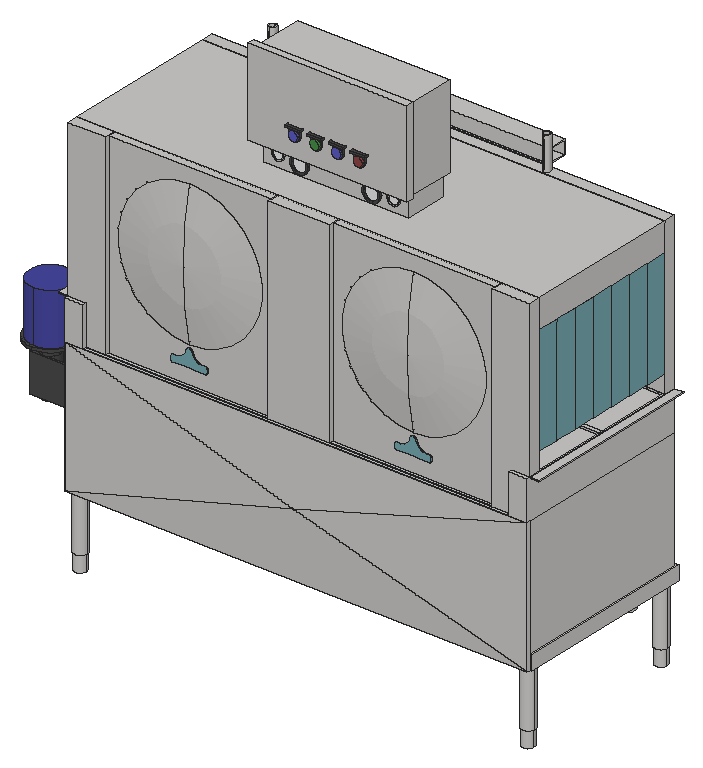
Revit family
Parameters (values of type "480/60/3")
  Width = 5' - 4"
  Weight in Pounds = 1000
  Watts = 25000 W
  Watermarked By = "http://revitwatermark.com"
  Waste Water Discharge Temperature [instance] = -459.67 °F
  Volts = 480 V
  Ventilation Remarks [instance] = ""
  URL Cutsheet = ""
  URL = "www.stero.com"
  Total Height = 5' - 10 1/2"
  Table Height = 2' - 10"
  Swing Doors [instance] = no
  Status [instance] = ""
  Standard Doors [instance] = not(Swing Doors)  # yes
  Specification by User [instance] = ""
  Specification by Manufacturer = ""
  Single Door Opening [instance] = if(Swing Doors, 2' 0", 1' 10 1/2")  # 1' - 10 1/2"
  Serial Number [instance] = ""
  Seismic Rating [instance] = ""
  SMACNA No [instance] = ""
  Right Ventilation Remarks [instance] = ""
  Right Vent [instance] = no
  Right Exhaust Volume [instance] = if(Right Vent, 200 CFM, 0 CFM)  # 0 CFM
  Right Exhaust Vent Width = 0' - 3 7/8"
  Right Exhaust Vent Text = "Vent, Load End"
  Right Exhaust Vent Depth = 2' - 0 7/8"
  Right Exhaust Static Press = 0.00 in-wg
  Right Exhaust RI Height [instance] = 0' - 0"
  Right Exhaust Item Number [instance] = "-"
  Right Drain [instance] = no
  Revision Code [instance] = ""
  Plumbing Remarks [instance] = ""
  Plumbing Connection Type [instance] = ""
  Phase = 3
  Number of Poles [instance] = 1
  NAFEM Spec ID Number [instance] = ""
  Model = "ER-64"
  Masterspec = ""
  Manufacturer = "Stero"
  Machine Height = 4' - 7 1/2"
  Left Vent [instance] = no
  Left Drain [instance] = not(Right Drain)  # yes
  Item Number [instance] = "-"
  Installed By [instance] = ""
  Indirect Waste Size = 2"
  Indirect Waste Flow [instance] = 0.00 GPM
  Indirect Waste Connection Type [instance] = ""
  Indirect Waste Connection Height = 0' - 6"
  Hot Water Usage Rack = "- Gal/Rack"  # constant formula
  Hot Water Usage = "120.6 GPH"  # constant formula
  Hot Water Temperature = 180 °F
  Hot Water Size = 3/4"
  Hot Water RI Height [instance] = 0' - 0"
  Hot Water Minimum Pressure = 20.00 psi
  Hot Water Maximum Pressure = 20.00 psi
  Hot Water Flow = 2.01 GPM
  Hot Water Consumption = 2.01 GPM
  Hot Water Connection Height = 5' - 0"
  HP = "4.25"
  Furnished By [instance] = ""
  Foodservice Equipment Identifier [instance] = yes
  FL Amps = 37.9 A
  Exhaust Volume [instance] = if(Left Vent, 400 CFM, 0 CFM)  # 0 CFM
  Exhaust Vent Width = 0' - 3 7/8"
  Exhaust Vent Text = "Vent, Unload End"
  Exhaust Vent Depth = 2' - 0 7/8"
  Exhaust Static Press = 0.00 in-wg
  Exhaust RI Height [instance] = 0' - 0"
  Electrical Remarks [instance] = ""
  Electric Connection Type [instance] = ""
  Elec Conn RI Height [instance] = 0' - 0"
  Elec Conn Connection Height = 5' - 8 1/2"
  Description = "Rack Conveyor Series"
  Depth = 2' - 1"
  Cycle = 60 Hz
  Conn Conduit = yes
  CSI MasterFormat = "11 48 13"
  Building Plumbing Remarks [instance] = ""
  Building Hot Water Temperature = 140 °F
  Building Hot Water Size = 3/4"
  Building Hot Water RI Height [instance] = 0' - 0"
  Building Hot Water Minimum Pressure [instance] = 20.00 psi
  Building Hot Water Maximum Pressure [instance] = 20.00 psi
  Building Hot Water Flow [instance] = 0.00 GPM
  Building Hot Water Consumption [instance] = 2.00 GPM
  Building Hot Water Connection Height = 5' - 0"
  Building HW Item Number [instance] = "-"
  Assembly Code = "E1090320"
  Apparent Power = if(Phase = 3, Volts * FL Amps * 1.73, Volts * FL Amps)  # 31472.2 VA
Reference planes (in)
  plane 1: z = 0
  plane 2 "LEFT": x = 2.32772
  plane 3 "BACK": y = -48
  plane 4 "TOP": z = 70.5
  plane 5 "RIGHT": x = 66.32772
  plane 6 "FRONT": y = -73
  plane 7 "Left of Top": x = 2.57772
  plane 8 "Right of Top": x = 66.07772
  plane 9 "Left of Ledge": x = 1.07772
  plane 10 "Right of Ledge": x = 67.57772
  plane 11 "Left End Cowl": x = -7.67228
  plane 12 "Right End Cowl": x = 76.32772
  plane 13: x = -0.73478
  plane 14: x = 69.39022
  plane 15 "Bottom of Machine": z = 10
  plane 16 "Table Height": z = 34
  plane 17 "Top of Machine": z = 55.5
  plane 18 "Panel Top": z = 28.5
  plane 19: z = 12
  plane 20: y = -73.5
  plane 21: y = -47.5
  plane 22: x = 2.07772
  plane 23: x = 66.57772
  plane 24: y = -49.625
  plane 25: y = -71.375
  plane 26 "Door Center": x = 34.32772
  plane 27: x = 7.57772
  plane 28: x = 30.07772
  plane 29 "Top of Opening": z = 51.5
  plane 30: z = 2.25
  plane 31: x = 24.32772
  plane 32: x = 44.32772
  plane 33: x = 23.32772
  plane 34: x = 45.32772
  plane 35 "Front of Lower Panel": y = -66.5
  plane 36: y = -60.5
  plane 37: y = -67
  plane 38 "Back of Panel": y = -60
  plane 39 "Front of Upper Panel": y = -68
  plane 40: x = 23.82772
  plane 41: x = 44.82772
  plane 42: x = 76.20272
  plane 43: x = -7.54728
  plane 44: x = -4.60978
  plane 45: x = 73.26522
  plane 46: y = -48.0625
  plane 47: y = -72.9375
  plane 48 "Top of Vents": z = 59.5
  plane 49: x = 19.82772
  plane 50: x = 48.82772
  plane 51: y = -45
  plane 52: z = 57.5
  plane 53: y = -43
  plane 54: z = 84.5
  plane 55: x = 38.57772
  plane 56: x = 61.07772
  plane 57: x = 7.82772
  plane 58: x = 29.95272
  plane 59: x = 28.64022
  plane 60: x = 38.70272
  plane 61: x = 40.01522
  plane 62: x = 60.82772
Forms (in)
  Extrusion 1, solid, material "QF_Finishes_Stainless Steel"
    sketch origin (0, 0, 10) x (0, 1, 0) y (-1, 0, 0)
      loop
        line (-47.5, -2.07772) -> (-73, -2.07772) -> (-73, -66.57772) -> (-47.5, -66.57772) -> (-47.5, -2.07772)
    from 0 to 2
  Extrusion 2, solid, material "QF_Finishes_Stainless Steel"
    sketch origin (0, 0, 34) x (0, 1, 0) y (-1, 0, 0)
      loop
        line (-71.375, -2.57772) -> (-49.625, -2.57772) -> (-49.625, -4.89022) -> (-48, -4.89022) -> (-48, -2.32772) -> (-73.5, -2.32772) -> (-73.5, -4.89022) -> (-71.375, -4.89022) -> (-71.375, -2.57772)
    from 0 to -5.5
  Extrusion 3, solid, material "QF_Finishes_Stainless Steel"
    sketch origin (0, 0, 28.5) x (0, 1, 0) y (-1, 0, 0)
      loop
        line (-48, -2.32772) -> (-73, -2.32772) -> (-73, -66.32772) -> (-48, -66.32772) -> (-48, -2.32772)
    from 0 to -16.5
  Extrusion 4, solid, material "QF_Finishes_Stainless Steel"
    sketch origin (48.65544, 0, 34) x (0, 1, 0) y (-1, 0, 0)
      loop
        line (-71.375, -17.42228) -> (-71.375, -15.10978) -> (-73.5, -15.10978) -> (-73.5, -17.67228) -> (-48, -17.67228) -> (-48, -15.10978) -> (-49.625, -15.10978) -> (-49.625, -17.42228) -> (-71.375, -17.42228)
    from 0 to -5.5
  Extrusion 5, solid, material "QF_Finishes_Stainless Steel"
    sketch origin (0, 0, 34) x (0, 1, 0) y (-1, 0, 0)
      loop
        line (-48, -2.32772) -> (-48, -1.07772) -> (-73, -1.07772) -> (-73, -2.32772) -> (-48, -2.32772)
    from 0 to -0.125
  Extrusion 6, solid, material "QF_Finishes_Stainless Steel"
    sketch origin (0, 0, 34) x (0, 1, 0) y (-1, 0, 0)
      loop
        line (-48, -66.32772) -> (-73, -66.32772) -> (-73, -67.57772) -> (-48, -67.57772) -> (-48, -66.32772)
    from 0 to -0.125
  Extrusion 7, solid, material "QF_Finishes_Stainless Steel"
    sketch origin (0, 0, 34) x (0, 1, 0) y (-1, 0, 0)
      loop
        line (-48, -4.89022) -> (-49.625, -4.89022) -> (-49.625, -2.57772) -> (-71.375, -2.57772) -> (-71.375, -66.07772) -> (-49.625, -66.07772) -> (-49.625, -63.76522) -> (-48, -63.76522) -> (-48, -4.89022)
    from -0.25 to -5.5
  Extrusion 8, solid, material "QF_Finishes_Stainless Steel"
    sketch origin (0, 0, 34) x (0, 1, 0) y (-1, 0, 0)
      loop
        line (-60.25, -2.57772) -> (-60.75, -2.57772) -> (-60.75, -66.07772) -> (-60.25, -66.07772) -> (-60.25, -2.57772)
      loop
        line (-48, -4.89022) -> (-49.625, -4.89022) -> (-49.625, -63.76522) -> (-48, -63.76522) -> (-48, -4.89022)
    from 0 to -0.25
  Extrusion 9, solid, material "QF_Finishes_Stainless Steel"
    sketch origin (0, 0, 55.5) x (0, 1, 0) y (-1, 0, 0)
      loop
        line (-49.625, -2.32772) -> (-71.375, -2.32772) -> (-71.375, -66.32772) -> (-49.625, -66.32772) -> (-49.625, -2.32772)
    from 0 to -4
  Extrusion 10, solid, material "QF_Finishes_Stainless Steel"
    sketch origin (0, 0, 55.5) x (0, 1, 0) y (-1, 0, 0)
      loop
        line (-48, -2.32772) -> (-49.625, -2.32772) -> (-49.625, -66.32772) -> (-48, -66.32772) -> (-48, -2.32772)
    from 0 to -21.5
  Extrusion 11, solid, material "QF_Finishes_Stainless Steel"
    sketch origin (0, -73, 0) x (-1, 0, 0) y (0, 0, 1)
      loop
        line (-2.32772, 55.5) -> (-7.57772, 55.5) -> (-7.57772, 28.5) -> (-4.89022, 28.5) -> (-4.89022, 34) -> (-2.32772, 34) -> (-2.32772, 55.5)
    from 0 to 1.625
  Blend 12, solid, material "QF_Finishes_Stainless Steel"
    base sketch origin (-15.01335, -74, 48) x (-1, 0, 0) y (0, 0, 1)
      loop
        line (-17.34107, -19.5) -> (-81.34107, -19.5) -> (-81.34107, -38) -> (-17.34107, -38) -> (-17.34107, -19.5)
    top sketch origin (-15.01335, -74, 48) x (-1, 0, 0) y (0, 0, 1)
      loop
        line (-49.37232, -28.71875) -> (-49.37232, -28.78125) -> (-49.30982, -28.78125) -> (-49.30982, -28.71875) -> (-49.37232, -28.71875)
    from 0.5 to 0
  Extrusion 13, solid, material "QF_Finishes_Stainless Steel"
    sketch origin (0, 0, 10) x (0, 1, 0) y (-1, 0, 0)
      loop
        line (-73, -2.32772) -> (-73.5, -2.32772) -> (-73.5, -66.32772) -> (-73, -66.32772) -> (-73, -2.32772)
    from 0 to 18.5
  Extrusion 14, solid, material "QF_Finishes_Stainless Steel"
    sketch origin (0, -73, 0) x (-1, 0, 0) y (0, 0, 1)
      loop
        line (-61.07772, 55.5) -> (-66.32772, 55.5) -> (-66.32772, 34) -> (-63.76522, 34) -> (-63.76522, 28.5) -> (-61.07772, 28.5) -> (-61.07772, 55.5)
    from 0 to 1.625
  Extrusion 15, solid, material "QF_Finishes_Stainless Steel", visible <- "Standard Doors"
    sketch origin (-15.5, 0, 55.5) x (0, 1, 0) y (-1, 0, 0)
      loop
        line (-71.375, -23.07772) -> (-72.5, -23.07772) -> (-72.5, -45.57772) -> (-71.375, -45.57772) -> (-71.375, -23.07772)
    from 0 to -27
  Extrusion 16, solid, material "QF_Finishes_Stainless Steel"
    sketch origin (0, 0, 0) x (1, 0, 0) y (0, 1, 0)
      loop
        circle (3.32772, -49) r 0.8125
    from 0 to 2.25
  Extrusion 17, solid, material "QF_Finishes_Stainless Steel"
    sketch origin (0, 0, 0) x (1, 0, 0) y (0, 1, 0)
      loop
        circle (3.32772, -49) r 0.9375
    from 2.25 to 10
  Extrusion 18, solid, material "QF_Finishes_Stainless Steel"
    sketch origin (48.65544, 0, 0) x (-1, 0, 0) y (0, -1, 0)
      loop
        circle (-16.67228, 49) r 0.8125
    from 0 to 2.25
  Extrusion 19, solid, material "QF_Finishes_Stainless Steel"
    sketch origin (48.65544, 0, 0) x (-1, 0, 0) y (0, -1, 0)
      loop
        circle (-16.67228, 49) r 0.9375
    from 2.25 to 10
  Extrusion 20, solid, material "QF_Finishes_Stainless Steel"
    sketch origin (0, -121, 0) x (1, 0, 0) y (0, 1, 0)
      loop
        circle (3.32772, 49) r 0.8125
    from 0 to 2.25
  Extrusion 21, solid, material "QF_Finishes_Stainless Steel"
    sketch origin (0, -121, 0) x (1, 0, 0) y (0, 1, 0)
      loop
        circle (3.32772, 49) r 0.9375
    from 2.25 to 10
  Extrusion 22, solid, material "QF_Finishes_Stainless Steel"
    sketch origin (48.65544, -121, 0) x (-1, 0, 0) y (0, -1, 0)
      loop
        circle (-16.67228, -49) r 0.8125
    from 0 to 2.25
  Extrusion 23, solid, material "QF_Finishes_Stainless Steel"
    sketch origin (48.65544, -121, 0) x (-1, 0, 0) y (0, -1, 0)
      loop
        circle (-16.67228, -49) r 0.9375
    from 2.25 to 10
  Extrusion 24, solid, material "QF_Finishes_Light Blue"
    sketch origin (0, 0, 51.5) x (0, 1, 0) y (-1, 0, 0)
      loop
        line (-49.625, -66.32772) -> (-49.625, -66.20272) -> (-52.625, -66.20272) -> (-52.625, -66.32772) -> (-49.625, -66.32772)
      loop
        line (-52.75, -66.32772) -> (-52.75, -66.20272) -> (-55.75, -66.20272) -> (-55.75, -66.32772) -> (-52.75, -66.32772)
      loop
        line (-55.875, -66.32772) -> (-55.875, -66.20272) -> (-58.875, -66.20272) -> (-58.875, -66.32772) -> (-55.875, -66.32772)
      loop
        line (-59, -66.32772) -> (-59, -66.20272) -> (-62, -66.20272) -> (-62, -66.32772) -> (-59, -66.32772)
      loop
        line (-62.125, -66.32772) -> (-62.125, -66.20272) -> (-65.125, -66.20272) -> (-65.125, -66.32772) -> (-62.125, -66.32772)
      loop
        line (-65.25, -66.32772) -> (-65.25, -66.20272) -> (-68.25, -66.20272) -> (-68.25, -66.32772) -> (-65.25, -66.32772)
      loop
        line (-68.375, -66.32772) -> (-68.375, -66.20272) -> (-71.375, -66.20272) -> (-71.375, -66.32772) -> (-68.375, -66.32772)
    from 0 to -15
  Extrusion 25, solid, material "QF_Finishes_Light Blue"
    sketch origin (48.65544, 0, 51.5) x (0, 1, 0) y (-1, 0, 0)
      loop
        line (-49.625, 46.32772) -> (-52.625, 46.32772) -> (-52.625, 46.20272) -> (-49.625, 46.20272) -> (-49.625, 46.32772)
      loop
        line (-52.75, 46.32772) -> (-55.75, 46.32772) -> (-55.75, 46.20272) -> (-52.75, 46.20272) -> (-52.75, 46.32772)
      loop
        line (-55.875, 46.32772) -> (-58.875, 46.32772) -> (-58.875, 46.20272) -> (-55.875, 46.20272) -> (-55.875, 46.32772)
      loop
        line (-59, 46.32772) -> (-62, 46.32772) -> (-62, 46.20272) -> (-59, 46.20272) -> (-59, 46.32772)
      loop
        line (-62.125, 46.32772) -> (-65.125, 46.32772) -> (-65.125, 46.20272) -> (-62.125, 46.20272) -> (-62.125, 46.32772)
      loop
        line (-65.25, 46.32772) -> (-68.25, 46.32772) -> (-68.25, 46.20272) -> (-65.25, 46.20272) -> (-65.25, 46.32772)
      loop
        line (-68.375, 46.32772) -> (-71.375, 46.32772) -> (-71.375, 46.20272) -> (-68.375, 46.20272) -> (-68.375, 46.32772)
    from 0 to -15
  Extrusion 26, solid, material "QF_Finishes_Stainless Steel"
    sketch origin (0, 0, 55.5) x (0, 1, 0) y (-1, 0, 0)
      loop
        line (-60.5, -24.32772) -> (-66.5, -24.32772) -> (-66.5, -44.32772) -> (-60.5, -44.32772) -> (-60.5, -24.32772)
    from 0 to 3.5
  Extrusion 27, solid, material "QF_Finishes_Stainless Steel"
    sketch origin (0, 0, 55.5) x (0, 1, 0) y (-1, 0, 0)
      loop
        line (-60, -23.82772) -> (-67, -23.82772) -> (-67, -44.82772) -> (-60, -44.82772) -> (-60, -23.82772)
    from 3 to 14.5
  Extrusion 28, solid, material "QF_Finishes_Stainless Steel"
    sketch origin (0, 0, 55.5) x (0, 1, 0) y (-1, 0, 0)
      loop
        line (-67, -23.32772) -> (-68, -23.32772) -> (-68, -45.32772) -> (-67, -45.32772) -> (-67, -23.32772)
    from 3 to 15
  Extrusion 29, solid, material "QF_Finishes_Black"
    sketch origin (0, -66.5, 0) x (-1, 0, 0) y (0, 0, 1)
      loop
        circle (-29.32772, 57) r 1.25
      loop
        circle (-29.32772, 57) r 1
    from 0 to -0.25
  Extrusion 30, solid, material "QF_Finishes_Stainless Steel"
    sketch origin (0, -66.5, 0) x (-1, 0, 0) y (0, 0, 1)
      loop
        circle (-26.32772, 57.25) r 0.75
      loop
        circle (-26.32772, 57.25) r 0.875
    from 0 to -0.125
  Extrusion 31, solid, material "QF_Finishes_White"
    sketch origin (0, -66.5, 0) x (-1, 0, 0) y (0, 0, 1)
      loop
        circle (-26.32772, 57.25) r 0.75
    from 0 to -0.0625
  Extrusion 32, solid, material "QF_Finishes_White"
    sketch origin (0, -66.5, 0) x (-1, 0, 0) y (0, 0, 1)
      loop
        circle (-29.32772, 57) r 1
    from 0 to -0.0625
  Extrusion 33, solid, material "QF_Finishes_Black"
    sketch origin (48.65544, -66.5, 0) x (1, 0, 0) y (0, 0, -1)
      loop
        circle (-9.32772, -57) r 1.25
      loop
        circle (-9.32772, -57) r 1
    from 0 to -0.25
  Extrusion 34, solid, material "QF_Finishes_Stainless Steel"
    sketch origin (48.65544, -66.5, 0) x (1, 0, 0) y (0, 0, -1)
      loop
        circle (-6.32772, -57.25) r 0.75
      loop
        circle (-6.32772, -57.25) r 0.875
    from 0 to -0.125
  Extrusion 35, solid, material "QF_Finishes_White"
    sketch origin (48.65544, -66.5, 0) x (1, 0, 0) y (0, 0, -1)
      loop
        circle (-6.32772, -57.25) r 0.75
    from 0 to -0.0625
  Extrusion 36, solid, material "QF_Finishes_White"
    sketch origin (48.65544, -66.5, 0) x (1, 0, 0) y (0, 0, -1)
      loop
        circle (-9.32772, -57) r 1
    from 0 to -0.0625
  Extrusion 37, solid, material "QF_Finishes_Black"
    sketch origin (0, -68, 0) x (-1, 0, 0) y (0, 0, 1)
      loop
        line (-33.82772, 62.5) -> (-33.82772, 62.25) -> (-31.82772, 62.25) -> (-31.82772, 62.5) -> (-33.82772, 62.5)
      loop
        line (-30.82772, 62.5) -> (-30.82772, 62.25) -> (-28.82772, 62.25) -> (-28.82772, 62.5) -> (-30.82772, 62.5)
      loop
        line (-34.82772, 62.5) -> (-36.82772, 62.5) -> (-36.82772, 62.25) -> (-34.82772, 62.25) -> (-34.82772, 62.5)
      loop
        line (-37.82772, 62.5) -> (-39.82772, 62.5) -> (-39.82772, 62.25) -> (-37.82772, 62.25) -> (-37.82772, 62.5)
    from 0 to -0.5
  Extrusion 38, solid, material "QF_Finishes_Navy Blue"
    sketch origin (0, -68, 0) x (-1, 0, 0) y (0, 0, 1)
      loop
        circle (-29.82772, 61.375) r 0.625
    from -0.125 to -0.375
  Extrusion 39, solid, material "QF_Finishes_LED Green"
    sketch origin (3, -68, 0) x (-1, 0, 0) y (0, 0, 1)
      loop
        circle (-29.82772, 61.375) r 0.625
    from -0.125 to -0.375
  Extrusion 40, solid, material "QF_Finishes_Navy Blue"
    sketch origin (6, -68, 0) x (-1, 0, 0) y (0, 0, 1)
      loop
        circle (-29.82772, 61.375) r 0.625
    from -0.125 to -0.375
  Extrusion 41, solid, material "QF_Finishes_LED Red"
    sketch origin (9, -68, 0) x (-1, 0, 0) y (0, 0, 1)
      loop
        circle (-29.82772, 61.375) r 0.625
    from -0.125 to -0.375
  Extrusion 42, solid, material "QF_Finishes_Black"
    sketch origin (0, -68, 0) x (-1, 0, 0) y (0, 0, 1)
      loop
        arc (-30.57772, 61.375) -> (-29.82772, 60.625) -> (-29.07772, 61.375) r 0.75
        line (-29.07772, 61.375) -> (-29.07772, 62.25) -> (-30.57772, 62.25) -> (-30.57772, 61.375)
      loop
        arc (-33.57772, 61.375) -> (-32.82772, 60.625) -> (-32.07772, 61.375) r 0.75
        line (-32.07772, 61.375) -> (-32.07772, 62.25) -> (-33.57772, 62.25) -> (-33.57772, 61.375)
      loop
        arc (-36.57772, 61.375) -> (-35.82772, 60.625) -> (-35.07772, 61.375) r 0.75
        line (-35.07772, 61.375) -> (-35.07772, 62.25) -> (-36.57772, 62.25) -> (-36.57772, 61.375)
      loop
        arc (-39.57772, 61.375) -> (-38.82772, 60.625) -> (-38.07772, 61.375) r 0.75
        line (-38.07772, 61.375) -> (-38.07772, 62.25) -> (-39.57772, 62.25) -> (-39.57772, 61.375)
    from 0 to -0.125
  Extrusion 43, solid, material "QF_Finishes_Light Blue", visible <- "Standard Doors"
    sketch origin (-15.5, -73, 0) x (-1, 0, 0) y (0, 0, 1)
      loop
        line (-33.71645, 30.65632) -> (-32.08461, 30.57309)
        arc (-32.08461, 30.57309) -> (-31.90443, 30.64773) -> (-31.82979, 30.82792) r 0.25483
        line (-31.82979, 30.82792) -> (-31.82979, 31.31285)
        arc (-31.82979, 31.31285) -> (-31.90343, 31.49062) -> (-32.08121, 31.56426) r 0.25142
        arc (-32.08121, 31.56426) -> (-33.22593, 31.7803) -> (-33.90311, 32.72819) r 1.56264
        arc (-33.90311, 32.72819) -> (-34.31726, 33.06213) -> (-34.74741, 32.74907) r 0.43733
        arc (-34.74741, 32.74907) -> (-35.42049, 31.78611) -> (-36.57423, 31.56426) r 1.56264
        arc (-36.57423, 31.56426) -> (-36.75201, 31.49062) -> (-36.82565, 31.31285) r 0.25142
        line (-36.82565, 31.31285) -> (-36.82565, 30.82792)
        arc (-36.82565, 30.82792) -> (-36.75101, 30.64773) -> (-36.57082, 30.57309) r 0.25483
        line (-36.57082, 30.57309) -> (-34.93898, 30.65632)
        arc (-34.93898, 30.65632) -> (-34.32772, 30.6719) -> (-33.71645, 30.65632) r 12
    from 0.5 to 0.4375
  Extrusion 44, solid, material "QF_Finishes_Stainless Steel", visible <- "Right Vent"
    sketch origin (66.07772, 0, 0) x (0, -1, 0) y (0, 0, 1)
      loop
        line (73, 55.5) -> (48, 55.5) -> (48, 50.5625) -> (49.625, 48.9375) -> (49.625, 49.11428) -> (48.125, 50.61428) -> (48.125, 55.375) -> (72.875, 55.375) -> (72.875, 39.17678) -> (71.375, 37.67678) -> (71.375, 37.5) -> (73, 39.125) -> (73, 55.5)
    from -0.25 to -10.125
  Extrusion 45, solid, material "QF_Finishes_Stainless Steel", visible <- "Left Vent"
    sketch origin (2.57772, 0, 0) x (0, 1, 0) y (0, 0, 1)
      loop
        line (-73, 55.5) -> (-73, 39.125) -> (-71.375, 37.5) -> (-71.375, 37.67678) -> (-72.875, 39.17678) -> (-72.875, 55.375) -> (-48.125, 55.375) -> (-48.125, 50.61428) -> (-49.625, 49.11428) -> (-49.625, 48.9375) -> (-48, 50.5625) -> (-48, 55.5) -> (-73, 55.5)
    from -0.25 to -10.125
  Extrusion 46, solid, material "QF_Finishes_Stainless Steel", visible <- "Right Vent"
    sketch origin (76.32772, 0, 0) x (0, 1, 0) y (0, 0, 1)
      loop
        line (-71.375, 37.5) -> (-71.375, 51.5) -> (-49.625, 51.5) -> (-49.625, 48.9375) -> (-48, 50.5625) -> (-48, 55.5) -> (-73, 55.5) -> (-73, 39.125) -> (-71.375, 37.5)
    from 0 to -0.125
  Extrusion 47, solid, material "QF_Finishes_Stainless Steel", visible <- "Left Vent"
    sketch origin (-7.67228, 0, 0) x (0, 1, 0) y (0, 0, 1)
      loop
        line (-71.375, 37.5) -> (-71.375, 51.5) -> (-49.625, 51.5) -> (-49.625, 48.9375) -> (-48, 50.5625) -> (-48, 55.5) -> (-73, 55.5) -> (-73, 39.125) -> (-71.375, 37.5)
    from 0 to 0.125
  Extrusion 48, solid, material "QF_Finishes_Stainless Steel", visible <- "Left Vent"
    sketch origin (0, 0, 55.5) x (0, 1, 0) y (-1, 0, 0)
      loop
        line (-48.0625, 4.60978) -> (-72.9375, 4.60978) -> (-72.9375, 0.73478) -> (-48.0625, 0.73478) -> (-48.0625, 4.60978)
      loop
        line (-48.1875, 4.48478) -> (-72.8125, 4.48478) -> (-72.8125, 0.85978) -> (-48.1875, 0.85978) -> (-48.1875, 4.48478)
    from 0 to 4
  Extrusion 49, solid, material "QF_Finishes_Stainless Steel", visible <- "Right Vent"
    sketch origin (48.65544, 0, 55.5) x (0, 1, 0) y (-1, 0, 0)
      loop
        line (-48.0625, -24.60978) -> (-48.0625, -20.73478) -> (-72.9375, -20.73478) -> (-72.9375, -24.60978) -> (-48.0625, -24.60978)
      loop
        line (-48.1875, -24.48478) -> (-48.1875, -20.85978) -> (-72.8125, -20.85978) -> (-72.8125, -24.48478) -> (-48.1875, -24.48478)
    from 0 to 4
  Extrusion 50, void
    sketch origin (0, 0, 55.5) x (0, 1, 0) y (-1, 0, 0)
      loop
        line (-48.1875, 4.48478) -> (-72.8125, 4.48478) -> (-72.8125, 0.85978) -> (-48.1875, 0.85978) -> (-48.1875, 4.48478)
    from 0 to -0.125
  Extrusion 51, void
    sketch origin (0, 0, 55.5) x (0, 1, 0) y (-1, 0, 0)
      loop
        line (-48.1875, -69.51522) -> (-72.8125, -69.51522) -> (-72.8125, -73.14022) -> (-48.1875, -73.14022) -> (-48.1875, -69.51522)
    from 0 to -0.125
  Extrusion 52, solid, material "QF_Finishes_Stainless Steel"
    sketch origin (0, 0, 55.5) x (0, 1, 0) y (-1, 0, 0)
      loop
        circle (-48.75, -11.32772) r 0.375
      loop
        circle (-48.75, -11.32772) r 0.5
    from 0 to 4.5
  Extrusion 53, solid, material "QF_Finishes_Stainless Steel"
    sketch origin (2.32772, 0, 0) x (0, 1, 0) y (0, 0, 1)
      loop
        line (-45, 57.5) -> (-47.75, 57.5) -> (-47.75, 55.5) -> (-45, 55.5) -> (-45, 57.5)
      loop
        line (-45.125, 57.375) -> (-47.625, 57.375) -> (-47.625, 55.625) -> (-45.125, 55.625) -> (-45.125, 57.375)
    from 17.5 to 46.5
  Extrusion 54, solid, material "QF_Finishes_Stainless Steel"
    sketch origin (2.32772, 0, 0) x (0, 1, 0) y (0, 0, 1)
      loop
        line (-47.75, 55.5) -> (-47.75, 55.625) -> (-48, 55.625) -> (-48, 55.5) -> (-47.75, 55.5)
    from 17.5 to 46.5
  Extrusion 55, solid, material "QF_Finishes_Stainless Steel"
    sketch origin (0, -60, 0) x (-1, 0, 0) y (0, 0, 1)
      loop
        circle (-44.32772, 68.5) r 0.25
    from 0 to 0.0625
  Extrusion 56, solid, material "QF_Finishes_Stainless Steel"
    sketch origin (0, 0, 10) x (0, 1, 0) y (-1, 0, 0)
      loop
        circle (-50, -7.32772) r 1
      loop
        circle (-50, -7.32772) r 1.125
    from 0 to -4
  Extrusion 57, solid, material "QF_Finishes_Clearance", detail levels coarse
    sketch origin (0, 0, 0) x (1, 0, 0) y (0, 1, 0)
      loop
        line (1.07772, -47.5) -> (19.82772, -47.5) -> (19.82772, -45) -> (48.82772, -45) -> (48.82772, -47.5) -> (67.57772, -47.5) -> (67.57772, -43) -> (1.07772, -43) -> (1.07772, -47.5)
    from 0 to 70.5
  Extrusion 58, solid, material "QF_Finishes_Clearance", visible <- "Standard Doors", detail levels coarse
    sketch origin (-15.5, -73, 0) x (-1, 0, 0) y (0, 0, 1)
      loop
        line (-23.07772, 84.5) -> (-45.57772, 84.5) -> (-45.57772, 55.5) -> (-23.07772, 55.5) -> (-23.07772, 84.5)
    from 0 to 1.625
  Extrusion 59, solid, material "QF_Finishes_Clearance", visible <- "Right Vent", detail levels coarse
    sketch origin (0, 0, 0) x (1, 0, 0) y (0, 1, 0)
      loop
        line (67.57772, -43) -> (67.57772, -47.5) -> (76.32772, -47.5) -> (76.32772, -43) -> (67.57772, -43)
    from 0 to 70.5
  Extrusion 60, solid, material "QF_Finishes_Clearance", visible <- "Left Vent", detail levels coarse
    sketch origin (0, 0, 0) x (1, 0, 0) y (0, 1, 0)
      loop
        line (-7.67228, -43) -> (-7.67228, -47.5) -> (1.07772, -47.5) -> (1.07772, -43) -> (-7.67228, -43)
    from 0 to 70.5
  Revolve 61, solid, material "QF_Finishes_Stainless Steel", visible <- "Standard Doors"
    sketch origin (18.82772, 0, 0) x (0, 1, 0) y (0, 0, 1)
      loop
        line (-72.5, 43.5) -> (-72.5, 53.5)
        arc (-72.5, 53.5) -> (-73.26244, 48.52624) -> (-73.5, 43.5) r 48
        line (-73.5, 43.5) -> (-72.5, 43.5)
      axis (-72.5, 43.5) -> (-73.5, 43.5)
    angle from 0 to 360
  Extrusion 62, solid, material "QF_Finishes_Stainless Steel", visible <- "Standard Doors"
    sketch origin (14.5, 0, 55.5) x (0, 1, 0) y (-1, 0, 0)
      loop
        line (-71.375, -24.07772) -> (-72.5, -24.07772) -> (-72.5, -46.57772) -> (-71.375, -46.57772) -> (-71.375, -24.07772)
    from 0 to -27
  Extrusion 63, solid, material "QF_Finishes_Light Blue", visible <- "Standard Doors"
    sketch origin (15.5, -73, 0) x (-1, 0, 0) y (0, 0, 1)
      loop
        line (-33.71645, 30.65632) -> (-32.08461, 30.57309)
        arc (-32.08461, 30.57309) -> (-31.90443, 30.64773) -> (-31.82979, 30.82792) r 0.25483
        line (-31.82979, 30.82792) -> (-31.82979, 31.31285)
        arc (-31.82979, 31.31285) -> (-31.90343, 31.49062) -> (-32.08121, 31.56426) r 0.25142
        arc (-32.08121, 31.56426) -> (-33.22593, 31.7803) -> (-33.90311, 32.72819) r 1.56264
        arc (-33.90311, 32.72819) -> (-34.31726, 33.06213) -> (-34.74741, 32.74907) r 0.43733
        arc (-34.74741, 32.74907) -> (-35.42049, 31.78611) -> (-36.57423, 31.56426) r 1.56264
        arc (-36.57423, 31.56426) -> (-36.75201, 31.49062) -> (-36.82565, 31.31285) r 0.25142
        line (-36.82565, 31.31285) -> (-36.82565, 30.82792)
        arc (-36.82565, 30.82792) -> (-36.75101, 30.64773) -> (-36.57082, 30.57309) r 0.25483
        line (-36.57082, 30.57309) -> (-34.93898, 30.65632)
        arc (-34.93898, 30.65632) -> (-34.32772, 30.6719) -> (-33.71645, 30.65632) r 12
    from 0.5 to 0.4375
  Extrusion 64, solid, material "QF_Finishes_Clearance", visible <- "Standard Doors", detail levels coarse
    sketch origin (14.5, -73, 0) x (-1, 0, 0) y (0, 0, 1)
      loop
        line (-24.07772, 84.5) -> (-46.57772, 84.5) -> (-46.57772, 55.5) -> (-24.07772, 55.5) -> (-24.07772, 84.5)
    from 0 to 1.625
  Revolve 65, solid, material "QF_Finishes_Stainless Steel", visible <- "Standard Doors"
    sketch origin (49.82772, 0, 0) x (0, 1, 0) y (0, 0, 1)
      loop
        line (-72.5, 43.5) -> (-72.5, 53.5)
        arc (-72.5, 53.5) -> (-73.26244, 48.52624) -> (-73.5, 43.5) r 48
        line (-73.5, 43.5) -> (-72.5, 43.5)
      axis (-72.5, 43.5) -> (-73.5, 43.5)
    angle from 0 to 360
  Extrusion 66, solid, material "QF_Finishes_Stainless Steel"
    sketch origin (-29, -73, 0) x (-1, 0, 0) y (0, 0, 1)
      loop
        line (-59.07772, 55.5) -> (-67.57772, 55.5) -> (-67.57772, 28.5) -> (-59.07772, 28.5) -> (-59.07772, 55.5)
    from 0 to 1.625
  Extrusion 67, solid, material "QF_Finishes_Stainless Steel"
    sketch origin (-44, 0, 55.5) x (0, 1, 0) y (-1, 0, 0)
      loop
        circle (-48.75, -93.32772) r 0.375
      loop
        circle (-48.75, -93.32772) r 0.5
    from 0 to 4.5
  Extrusion 68, solid, material "QF_Finishes_Stainless Steel"
    sketch origin (55, 0, 10) x (0, 1, 0) y (-1, 0, 0)
      loop
        circle (-50, -6.32772) r 1
      loop
        circle (-50, -6.32772) r 1.125
    from 0 to -4
  Extrusion 69, solid, material "QF_Finishes_Stainless Steel", visible <- "Right Drain"
    sketch origin (0, 0, 0) x (1, 0, 0) y (0, 1, 0)
      loop
        circle (7.32772, -50) r 1
    from 6 to 6.25
  Extrusion 70, solid, material "QF_Finishes_Stainless Steel", visible <- "Left Drain"
    sketch origin (0, 0, 0) x (1, 0, 0) y (0, 1, 0)
      loop
        circle (61.32772, -50) r 1
    from 6 to 6.25
  Extrusion 71, solid, material "QF_Finishes_Black"
    sketch origin (68.65544, -73, 0) x (1, 0, 0) y (0, 0, -1)
      loop
        line (-66.57772, -12) -> (-66.57772, -10.9375) -> (-67.70272, -10.9375) -> (-67.70272, -23.9375) -> (-66.32772, -23.9375) -> (-66.32772, -12) -> (-66.57772, -12)
    from 1.8125 to 7.8125
  Extrusion 72, solid, material "QF_Finishes_Black"
    sketch origin (68.65544, 0, 10) x (0, 1, 0) y (-1, 0, 0)
      loop
        arc (-66.875, 72.57772) -> (-68.1875, 71.26522) -> (-69.5, 72.57772) r 1.3125
        line (-69.5, 72.57772) -> (-69.5, 67.95272) -> (-66.875, 67.95272) -> (-66.875, 72.57772)
      loop
        line (-69.75, 74.20272) -> (-69.75, 67.70272) -> (-66.625, 67.70272) -> (-66.625, 74.20272) -> (-69.75, 74.20272)
    from 7.6875 to 12.9375
  Extrusion 73, solid, material "QF_Finishes_Black"
    sketch origin (68.65544, 0, 10) x (0, 1, 0) y (-1, 0, 0)
      loop
        circle (-68.1875, 72.57772) r 1.0625
    from 7.1875 to 7.6875
  Extrusion 74, solid, material "QF_Finishes_Black"
    sketch origin (68.65544, 0, 10) x (0, 1, 0) y (-1, 0, 0)
      loop
        circle (-68.1875, 72.57772) r 1.3125
    from 12.9375 to 13.4375
  Blend 75, solid, material "QF_Finishes_Black"
    base sketch origin (68.65544, 0, 10) x (0, 1, 0) y (-1, 0, 0)
      loop
        circle (-68.1875, 72.57772) r 1.3125
    top sketch origin (68.65544, 0, 10) x (0, 1, 0) y (-1, 0, 0)
      loop
        circle (-68.1875, 72.57772) r 2.0625
    from 13.4375 to 14.4375
  Extrusion 76, solid, material "QF_Finishes_Black"
    sketch origin (68.65544, 0, 10) x (0, 1, 0) y (-1, 0, 0)
      loop
        circle (-68.1875, 72.57772) r 3.25
    from 14.4375 to 14.8125
  Extrusion 77, solid, material "QF_Finishes_Blue"
    sketch origin (68.65544, 0, 10) x (0, 1, 0) y (-1, 0, 0)
      loop
        circle (-68.1875, 72.57772) r 2.875
    from 14.8125 to 21.9375
  Extrusion 78, solid, material "QF_Finishes_Black"
    sketch origin (68.65544, -73, 0) x (1, 0, 0) y (0, 0, -1)
      loop
        line (-66.32772, -33.1875) -> (-66.32772, -31.6875) -> (-71.82772, -31.6875) -> (-71.82772, -33.1875) -> (-66.32772, -33.1875)
      loop
        circle (-70.57772, -32.4375) r 0.375
    from 12.3125 to 12.6875
  Extrusion 79, solid, material "QF_Finishes_Black"
    sketch origin (68.65544, -73, 0) x (1, 0, 0) y (0, 0, -1)
      loop
        line (-66.32772, -12) -> (-66.57772, -12) -> (-66.57772, -8.4375) -> (-69.07772, -8.4375) -> (-69.07772, -12.4375) -> (-66.32772, -12.4375) -> (-66.32772, -12)
    from 7 to 18
  Extrusion 80, solid, material "QF_Finishes_Black"
    sketch origin (68.65544, -73, 0) x (1, 0, 0) y (0, 0, -1)
      loop
        line (-69.07772, -12.125) -> (-69.07772, -8.75) -> (-69.32772, -8.75)
        arc (-69.32772, -8.75) -> (-69.5045, -8.82322) -> (-69.57772, -9) r 0.25
        line (-69.57772, -9) -> (-69.57772, -9.3125)
        arc (-69.57772, -9.3125) -> (-69.68755, -9.57767) -> (-69.95272, -9.6875) r 0.375
        line (-69.95272, -9.6875) -> (-70.57772, -9.6875)
        arc (-70.57772, -9.6875) -> (-71.32772, -10.4375) -> (-70.57772, -11.1875) r 0.75
        line (-70.57772, -11.1875) -> (-69.95272, -11.1875)
        arc (-69.95272, -11.1875) -> (-69.68755, -11.29733) -> (-69.57772, -11.5625) r 0.375
        line (-69.57772, -11.5625) -> (-69.57772, -11.875)
        arc (-69.57772, -11.875) -> (-69.5045, -12.05178) -> (-69.32772, -12.125) r 0.25
        line (-69.32772, -12.125) -> (-69.07772, -12.125)
      loop
        circle (-70.57772, -10.4375) r 0.5
    from 9.375 to 9.5
  Extrusion 81, solid, material "QF_Finishes_Black"
    sketch origin (68.65544, -66.875, 0) x (1, 0, 0) y (0, 0, -1)
      loop
        line (-69.07772, -12.125) -> (-69.07772, -8.75) -> (-69.32772, -8.75)
        arc (-69.32772, -8.75) -> (-69.5045, -8.82322) -> (-69.57772, -9) r 0.25
        line (-69.57772, -9) -> (-69.57772, -9.3125)
        arc (-69.57772, -9.3125) -> (-69.68755, -9.57767) -> (-69.95272, -9.6875) r 0.375
        line (-69.95272, -9.6875) -> (-70.57772, -9.6875)
        arc (-70.57772, -9.6875) -> (-71.32772, -10.4375) -> (-70.57772, -11.1875) r 0.75
        line (-70.57772, -11.1875) -> (-69.95272, -11.1875)
        arc (-69.95272, -11.1875) -> (-69.68755, -11.29733) -> (-69.57772, -11.5625) r 0.375
        line (-69.57772, -11.5625) -> (-69.57772, -11.875)
        arc (-69.57772, -11.875) -> (-69.5045, -12.05178) -> (-69.32772, -12.125) r 0.25
        line (-69.32772, -12.125) -> (-69.07772, -12.125)
      loop
        circle (-70.57772, -10.4375) r 0.5
    from 9.375 to 9.5
  Extrusion 82, solid, material "QF_Finishes_Stainless Steel"
    sketch origin (68.65544, -73, 0) x (1, 0, 0) y (0, 0, -1)
      loop
        circle (-70.57772, -32.4375) r 0.375
      loop
        arc (-71.31584, -32.57045) -> (-70.57772, -33.1875) -> (-69.8396, -32.57045) r 0.75
        line (-69.8396, -32.57045) -> (-69.14022, -28.6875) -> (-72.01522, -28.6875) -> (-71.31584, -32.57045)
    from 11.25 to 11.375
  Extrusion 83, solid, material "QF_Finishes_Stainless Steel"
    sketch origin (68.65544, -48, 0) x (1, 0, 0) y (0, 0, 1)
      loop
        circle (-70.57772, 32.4375) r 0.375
      loop
        line (-71.31584, 32.57045) -> (-72.01522, 28.6875) -> (-69.14022, 28.6875) -> (-69.8396, 32.57045)
        arc (-69.8396, 32.57045) -> (-70.57772, 33.1875) -> (-71.31584, 32.57045) r 0.75
    from 11.25 to 11.375
  Extrusion 84, solid, material "QF_Finishes_Stainless Steel"
    sketch origin (68.65544, -73, 0) x (1, 0, 0) y (0, 0, -1)
      loop
        circle (-70.57772, -32.4375) r 0.375
    from 10.75 to 14.25
  Blend 85, solid, material "QF_Finishes_Stainless Steel"
    base sketch origin (68.65544, 0, 34) x (0, 1, 0) y (-1, 0, 0)
      loop
        line (-58.25, 67.89022) -> (-58.25, 73.01522) -> (-62.75, 73.01522) -> (-62.75, 67.89022) -> (-58.25, 67.89022)
    top sketch origin (68.65544, 0, 34) x (0, 1, 0) y (-1, 0, 0)
      loop
        line (-59.25, 69.14022) -> (-59.25, 72.01522) -> (-61.75, 72.01522) -> (-61.75, 69.14022) -> (-59.25, 69.14022)
    from -14.0625 to -5.3125
  Blend 86, solid, material "QF_Finishes_Stainless Steel"
    base sketch origin (68.65544, 0, 25.25) x (0, 1, 0) y (-1, 0, 0)
      loop
        line (-57.5, 67.14022) -> (-57.5, 73.76522) -> (-63.5, 73.76522) -> (-63.5, 67.14022) -> (-57.5, 67.14022)
    top sketch origin (68.65544, 0, 25.25) x (0, 1, 0) y (-1, 0, 0)
      loop
        line (-58.5, 68.14022) -> (-58.5, 72.76522) -> (-62.5, 72.76522) -> (-62.5, 68.14022) -> (-58.5, 68.14022)
    from -15.5625 to -5.3125
  Extrusion 87, solid, material "QF_Finishes_Stainless Steel"
    sketch origin (68.65544, -73, -22) x (1, 0, 0) y (0, 0, -1)
      loop
        circle (-70.57772, -32.4375) r 0.5
    from 9 to 16
  Extrusion 88, solid, material "QF_Finishes_Black", not visible
    sketch origin (0, -68, 0) x (-1, 0, 0) y (0, 0, 1)
      loop
        line (-33.82772, 62.5) -> (-33.82772, 62.25) -> (-31.82772, 62.25) -> (-31.82772, 62.5) -> (-33.82772, 62.5)
      loop
        line (-30.82772, 62.5) -> (-30.82772, 62.25) -> (-28.82772, 62.25) -> (-28.82772, 62.5) -> (-30.82772, 62.5)
      loop
        line (-34.82772, 62.5) -> (-36.82772, 62.5) -> (-36.82772, 62.25) -> (-34.82772, 62.25) -> (-34.82772, 62.5)
      loop
        line (-37.82772, 62.5) -> (-39.82772, 62.5) -> (-39.82772, 62.25) -> (-37.82772, 62.25) -> (-37.82772, 62.5)
    from 0 to -0.5
  Extrusion 89, solid, material "QF_Finishes_Navy Blue", not visible
    sketch origin (0, -68, 0) x (-1, 0, 0) y (0, 0, 1)
      loop
        circle (-29.82772, 61.375) r 0.625
    from -0.125 to -0.375
  Extrusion 90, solid, material "QF_Finishes_LED Green", not visible
    sketch origin (3, -68, 0) x (-1, 0, 0) y (0, 0, 1)
      loop
        circle (-29.82772, 61.375) r 0.625
    from -0.125 to -0.375
  Extrusion 91, solid, material "QF_Finishes_Navy Blue", not visible
    sketch origin (6, -68, 0) x (-1, 0, 0) y (0, 0, 1)
      loop
        circle (-29.82772, 61.375) r 0.625
    from -0.125 to -0.375
  Extrusion 92, solid, material "QF_Finishes_LED Red", not visible
    sketch origin (9, -68, 0) x (-1, 0, 0) y (0, 0, 1)
      loop
        circle (-29.82772, 61.375) r 0.625
    from -0.125 to -0.375
  Extrusion 93, solid, material "QF_Finishes_Black", not visible
    sketch origin (0, -68, 0) x (-1, 0, 0) y (0, 0, 1)
      loop
        arc (-30.57772, 61.375) -> (-29.82772, 60.625) -> (-29.07772, 61.375) r 0.75
        line (-29.07772, 61.375) -> (-29.07772, 62.25) -> (-30.57772, 62.25) -> (-30.57772, 61.375)
      loop
        arc (-33.57772, 61.375) -> (-32.82772, 60.625) -> (-32.07772, 61.375) r 0.75
        line (-32.07772, 61.375) -> (-32.07772, 62.25) -> (-33.57772, 62.25) -> (-33.57772, 61.375)
      loop
        arc (-36.57772, 61.375) -> (-35.82772, 60.625) -> (-35.07772, 61.375) r 0.75
        line (-35.07772, 61.375) -> (-35.07772, 62.25) -> (-36.57772, 62.25) -> (-36.57772, 61.375)
      loop
        arc (-39.57772, 61.375) -> (-38.82772, 60.625) -> (-38.07772, 61.375) r 0.75
        line (-38.07772, 61.375) -> (-38.07772, 62.25) -> (-39.57772, 62.25) -> (-39.57772, 61.375)
    from 0 to -0.125
  Extrusion 94, solid, material "QF_Finishes_Stainless Steel", visible <- "Swing Doors"
    sketch origin (0, 0, 55.5) x (0, 1, 0) y (-1, 0, 0)
      loop
        line (-71.375, -7.82772) -> (-73, -7.82772) -> (-73, -29.95272) -> (-71.375, -29.95272) -> (-71.375, -7.82772)
    from 0 to -27
  Extrusion 95, solid, material "QF_Finishes_Stainless Steel", visible <- "Swing Doors"
    sketch origin (0, 0, 55.5) x (0, 1, 0) y (-1, 0, 0)
      loop
        line (-71.375, -38.70272) -> (-73, -38.70272) -> (-73, -60.82772) -> (-71.375, -60.82772) -> (-71.375, -38.70272)
    from 0 to -27
  Extrusion 96, solid, material "QF_Finishes_Stainless Steel", visible <- "Swing Doors"
    sketch origin (-5.49663, -0.00245, 52.4375) x (0, 1, 0) y (-1, 0, 0)
      loop
        circle (-73.25, -13.07772) r 0.25
    from 0 to -3
  Extrusion 97, solid, material "QF_Finishes_Stainless Steel", visible <- "Swing Doors"
    sketch origin (-5.49663, -0.00245, 35.8125) x (0, 1, 0) y (-1, 0, 0)
      loop
        circle (-73.25, -13.07772) r 0.25
    from 0 to -3
  Sweep 98, solid, material "QF_Finishes_Stainless Steel", visible <- "Swing Doors"
    path origin (28.64022, -19.02724, 48) x (0, 1, 0) y (0, 0, 1)
      loop
        line (-53.97521, -0.9375) -> (-54.60021, -0.9375)
        arc (-54.60021, -0.9375) -> (-54.95376, -1.08395) -> (-55.10021, -1.4375) r 0.5
        line (-55.10021, -1.4375) -> (-55.10021, -9.6875)
        arc (-55.10021, -9.6875) -> (-54.95376, -10.04105) -> (-54.60021, -10.1875) r 0.5
        line (-54.60021, -10.1875) -> (-53.97521, -10.1875)
    profile origin (28.64022, -73.31495, 47.0625) x (0, 0, -1) y (1, 0, 0)
      loop
        circle (0, 0) r 0.375
  Extrusion 99, solid, material "QF_Finishes_Stainless Steel", visible <- "Swing Doors"
    sketch origin (48.00337, -0.00245, 52.4375) x (0, 1, 0) y (-1, 0, 0)
      loop
        circle (-73.25, -13.07772) r 0.25
    from 0 to -3
  Extrusion 100, solid, material "QF_Finishes_Stainless Steel", visible <- "Swing Doors"
    sketch origin (48.00337, -0.00245, 35.8125) x (0, 1, 0) y (-1, 0, 0)
      loop
        circle (-73.25, -13.07772) r 0.25
    from 0 to -3
  Sweep 101, solid, material "QF_Finishes_Stainless Steel", visible <- "Swing Doors"
    path origin (40.01522, -19.02724, 48) x (0, 1, 0) y (0, 0, 1)
      loop
        line (-53.97521, -0.9375) -> (-54.60021, -0.9375)
        arc (-54.60021, -0.9375) -> (-54.95376, -1.08395) -> (-55.10021, -1.4375) r 0.5
        line (-55.10021, -1.4375) -> (-55.10021, -9.6875)
        arc (-55.10021, -9.6875) -> (-54.95376, -10.04105) -> (-54.60021, -10.1875) r 0.5
        line (-54.60021, -10.1875) -> (-53.97521, -10.1875)
    profile origin (40.01522, -73.31495, 47.0625) x (0, 0, -1) y (1, 0, 0)
      loop
        circle (0, 0) r 0.375
Cuts and joins
  Extrusion 50 cuts Extrusion 45
  Extrusion 50 cuts Extrusion 48
  Extrusion 51 cuts Extrusion 44
  Extrusion 51 cuts Extrusion 49
Lines and regions (in)
  symbolic lines
    curve 1: line (1.07772, -48, 10) -> (67.57772, -48, 10)
    curve 2: line (2.32772, -73, 10) -> (2.32772, -48, 10)
    curve 3: line (67.57772, -73, 10) -> (1.07772, -73, 10)
    curve 4: line (66.32772, -48, 10) -> (66.32772, -73, 10)
    curve 11: line (19.82772, -48, 10) -> (19.82772, -45, 10)
    curve 12: line (19.82772, -45, 10) -> (48.82772, -45, 10)
    curve 13: line (48.82772, -45, 10) -> (48.82772, -48, 10)
    curve 14: line (1.07772, -48, 10) -> (1.07772, -73, 10)
    curve 15: line (67.57772, -48, 10) -> (67.57772, -73, 10)
    curve 16: line (23.82772, -60, 10) -> (44.82772, -60, 10)
    curve 17: line (23.82772, -67, 10) -> (23.82772, -60, 10)
    curve 18: line (44.82772, -67, 10) -> (23.82772, -67, 10)
    curve 19: line (44.82772, -60, 10) -> (44.82772, -67, 10)
    curve 20: line (44.82772, -67, 10) -> (45.32772, -67, 10)
    curve 21: line (45.32772, -67, 10) -> (45.32772, -68, 10)
    curve 22: line (45.32772, -68, 10) -> (23.32772, -68, 10)
    curve 23: line (23.32772, -68, 10) -> (23.32772, -67, 10)
    curve 24: line (23.32772, -67, 10) -> (23.82772, -67, 10)
    curve 38: line (7.57772, -73, 0) -> (7.57772, -71.375, 0)
    curve 39: line (7.57772, -71.375, 0) -> (30.07772, -71.375, 0)
    curve 40: line (30.07772, -71.375, 0) -> (30.07772, -73, 0)
    curve 42: line (38.57772, -73, 0) -> (38.57772, -71.375, 0)
    curve 43: line (38.57772, -71.375, 0) -> (61.07772, -71.375, 0)
    curve 44: line (61.07772, -71.375, 0) -> (61.07772, -73, 0)
  symbolic lines, visible <- "Left Vent"
    curve 5: line (2.32772, -48, 10) -> (-7.67228, -48, 10)
    curve 6: line (-7.67228, -48, 10) -> (-7.67228, -73, 10)
    curve 7: line (-7.67228, -73, 10) -> (2.32772, -73, 10)
    curve 25: line (-4.60978, -48.0625, 10) -> (-0.73478, -48.0625, 10)
    curve 26: line (-4.60978, -72.9375, 10) -> (-4.60978, -48.0625, 10)
    curve 27: line (-0.73478, -72.9375, 10) -> (-4.60978, -72.9375, 10)
    curve 28: line (-0.73478, -48.0625, 10) -> (-0.73478, -72.9375, 10)
  symbolic lines, visible <- "Right Vent"
    curve 8: line (66.32772, -48, 10) -> (76.32772, -48, 10)
    curve 9: line (76.32772, -48, 10) -> (76.32772, -73, 10)
    curve 10: line (76.32772, -73, 10) -> (66.32772, -73, 10)
    curve 29: line (69.39022, -48.0625, 10) -> (73.26522, -48.0625, 10)
    curve 30: line (69.39022, -72.9375, 10) -> (69.39022, -48.0625, 10)
    curve 31: line (73.26522, -72.9375, 10) -> (69.39022, -72.9375, 10)
    curve 32: line (73.26522, -48.0625, 10) -> (73.26522, -72.9375, 10)
  symbolic lines, style "QF_Clearances", visible <- "Left Vent", detail levels coarse
    curve 33: line (-7.67228, -47.5, 0) -> (-7.67228, -43, 0)
    curve 34: line (-7.67228, -43, 0) -> (1.07772, -43, 0)
  symbolic lines, style "QF_Clearances", detail levels coarse
    curve 35: line (1.07772, -43, 0) -> (67.57772, -43, 0)
  symbolic lines, style "QF_Clearances", visible <- "Right Vent", detail levels coarse
    curve 36: line (67.57772, -43, 0) -> (76.32772, -43, 0)
    curve 37: line (76.32772, -43, 0) -> (76.32772, -47.5, 0)
  symbolic lines, visible <- "Standard Doors"
    curve 41: line (30.07772, -72.5, 0) -> (7.57772, -72.5, 0)
    curve 45: line (61.07772, -72.5, 0) -> (38.57772, -72.5, 0)
  symbolic lines, visible <- "Swing Doors"
    curve 46: line (28.26522, -73.00245, 55.5) -> (28.26522, -74.12745, 55.5)
    curve 47: line (29.01522, -73.00245, 55.5) -> (29.01522, -74.12745, 55.5)
    curve 48: arc (29.01522, -74.12745, 55.5) -> (28.64022, -74.50245, 55.5) -> (28.26522, -74.12745, 55.5) r 0.375
    curve 49: line (39.64022, -73.00245, 55.5) -> (39.64022, -74.12745, 55.5)
    curve 50: line (40.39022, -73.00245, 55.5) -> (40.39022, -74.12745, 55.5)
    curve 51: arc (40.39022, -74.12745, 55.5) -> (40.01522, -74.50245, 55.5) -> (39.64022, -74.12745, 55.5) r 0.375
  symbolic lines, style "QF_Clearances", visible <- "Swing Doors", detail levels coarse
    curve 52: line (7.57772, -95.5, 55.5) -> (7.57772, -73, 55.5)
    curve 53: arc (7.57772, -95.5, 55.5) -> (23.48762, -88.9099, 55.5) -> (30.07772, -73, 55.5) r 22.5
    curve 54: line (61.07772, -95.5, 55.5) -> (61.07772, -73, 55.5)
    curve 55: arc (61.07772, -95.5, 55.5) -> (45.16782, -88.9099, 55.5) -> (38.57772, -73, 55.5) r 22.5
  symbolic lines, style "QF_Surface Details"
    curve 56: line (49.85692, -54.63266, 52.4375) -> (20.85692, -54.63266, 52.4375)
    curve 57: line (20.85692, -54.63266, 52.4375) -> (25.35692, -52.13827, 52.4375)
    curve 58: line (20.85692, -54.63266, 52.4375) -> (25.35692, -57.12705, 52.4375)
Dimensions and locks (in)
  "Width": plane 2 "LEFT" to plane 5 "RIGHT"
  "Depth": plane 6 "FRONT" to plane 3 "BACK"
  locked: plane 2 "LEFT" to plane 7 "Left of Top" at 0.25
  locked: plane 8 "Right of Top" to plane 5 "RIGHT" at 0.25
  locked: plane 9 "Left of Ledge" to plane 7 "Left of Top" at 1.5
  locked: plane 8 "Right of Top" to plane 10 "Right of Ledge" at 1.5
  locked: plane 15 "Bottom of Machine" to level at 10
  "Table Height": plane 16 "Table Height" to level
  "Machine Height": plane 17 "Top of Machine" to level
  "Total Height": plane 4 "TOP" to level
  locked: plane 19 to plane 15 "Bottom of Machine" at 2
  locked: plane 16 "Table Height" to plane 18 "Panel Top" at 5.5
  locked: plane 6 "FRONT" to plane 20 at 0.5
  locked: plane 3 "BACK" to plane 21 at 0.5
  locked: plane 22 to plane 2 "LEFT" at 0.25
  locked: plane 5 "RIGHT" to plane 23 at 0.25
  locked: plane 2 "LEFT" to Extrusion 2 sketch curve at 2.5625  (x2)
  locked: Extrusion 4 sketch curve to plane 5 "RIGHT" at 2.5625  (x2)
  locked: plane 3 "BACK" to plane 24 at 1.625
  locked: plane 6 "FRONT" to plane 25 at 1.625
  equal spacing: plane 2 "LEFT", plane 26 "Door Center", plane 5 "RIGHT"
  "Single Door Opening": plane 27 to plane 28
  locked: plane 17 "Top of Machine" to plane 29 "Top of Opening" at 4
  locked: plane 26 "Door Center" to Blend 12 sketch curve at 0.03125  (x2)
  locked: Extrusion 15 sketch curve to plane 25 at 1.125
  locked: plane 30 to level at 2.25
  plane 22 to Extrusion 16 sketch curve = 0' - 1 1/4"
  plane 21 to Extrusion 16 sketch curve = 0' - 1 1/2"
  locked: plane 21 to Extrusion 17 sketch curve at 1.5
  locked: plane 22 to Extrusion 17 sketch curve at 1.25
  locked: plane 21 to Extrusion 18 sketch curve at 1.5
  locked: Extrusion 18 sketch curve to plane 23 at 1.25
  locked: Extrusion 19 sketch curve to plane 23 at 1.25
  locked: plane 21 to Extrusion 19 sketch curve at 1.5
  locked: Extrusion 22 sketch curve to plane 23 at 1.25
  locked: Extrusion 22 sketch curve to plane 20 at 1.5
  locked: Extrusion 23 sketch curve to plane 23 at 1.25
  locked: Extrusion 23 sketch curve to plane 20 at 1.5
  locked: Extrusion 20 sketch curve to plane 20 at 1.5
  locked: plane 22 to Extrusion 20 sketch curve at 1.25
  locked: Extrusion 21 sketch curve to plane 20 at 1.5
  locked: plane 22 to Extrusion 21 sketch curve at 1.25
  locked: plane 31 to plane 26 "Door Center" at 10
  locked: plane 31 to plane 32 at 20
  locked: plane 33 to plane 26 "Door Center" at 11
  locked: plane 33 to plane 34 at 22
  plane 35 "Front of Lower Panel" to plane 6 "FRONT" = 0' - 6 1/2"
  locked: plane 36 to plane 35 "Front of Lower Panel" at 6
  locked: plane 37 to plane 6 "FRONT" at 6
  locked: plane 38 "Back of Panel" to plane 37 at 7
  locked: plane 37 to plane 39 "Front of Upper Panel" at 1
  locked: plane 33 to plane 40 at 0.5
  locked: plane 41 to plane 34 at 0.5
  locked: Extrusion 29 sketch curve to plane 31 at 5
  locked: Extrusion 29 sketch curve to plane 17 "Top of Machine" at 1.5
  locked: Extrusion 30 sketch curve to plane 31 at 2
  locked: Extrusion 30 sketch curve to plane 17 "Top of Machine" at 1.75
  locked: Extrusion 33 sketch curve to plane 32 at 5
  locked: Extrusion 33 sketch curve to plane 17 "Top of Machine" at 1.5
  locked: Extrusion 34 sketch curve to plane 32 at 2
  locked: Extrusion 34 sketch curve to plane 17 "Top of Machine" at 1.75
  locked: Extrusion 43 sketch curve to plane 18 "Panel Top" at 4.12493
  locked: plane 42 to plane 12 "Right End Cowl" at 0.125
  locked: plane 11 "Left End Cowl" to plane 43 at 0.125
  locked: plane 44 to plane 13 at 3.875
  locked: plane 14 to plane 45 at 3.875
  locked: plane 46 to plane 47 at 24.875
  locked: plane 47 to plane 6 "FRONT" at 0.0625
  plane 48 "Top of Vents" to plane 17 "Top of Machine" = 0' - 4"
  locked: Extrusion 52 sketch curve to plane 3 "BACK" at 0.75
  locked: plane 49 to plane 26 "Door Center" at 14.5
  locked: plane 49 to plane 50 at 29
  locked: plane 52 to plane 17 "Top of Machine" at 2
  locked: plane 51 to plane 3 "BACK" at 3
  Extrusion 55 sketch curve to plane 17 "Top of Machine" = 1' - 1"
  locked: plane 34 to Extrusion 55 sketch curve at 1
  locked: Extrusion 56 sketch curve to plane 3 "BACK" at 2
  locked: plane 53 to plane 3 "BACK" at 5
  locked: plane 54 to plane 17 "Top of Machine" at 29
  "Single Door Opening": plane 55 to plane 56
  locked: Extrusion 67 sketch curve to plane 3 "BACK" at 0.75
  locked: plane 2 "LEFT" to Extrusion 56 sketch curve at 5
  locked: Extrusion 68 sketch curve to plane 3 "BACK" at 2
  locked: Extrusion 68 sketch curve to plane 5 "RIGHT" at 5
  locked: plane 2 "LEFT" to Extrusion 52 sketch curve at 9
  locked: Extrusion 67 sketch curve to plane 5 "RIGHT" at 17
  locked: plane 43 to plane 44 at 2.9375
  plane 11 "Left End Cowl" to plane 2 "LEFT" = 0' - 10"
  locked: plane 45 to plane 42 at 2.9375
  plane 5 "RIGHT" to plane 12 "Right End Cowl" = 0' - 10"
  locked: plane 2 "LEFT" to plane 27 at 5.25
  plane 56 to plane 5 "RIGHT" = 0' - 5 1/4"
  locked: plane 27 to plane 57 at 0.25
  locked: plane 58 to plane 28 at 0.125
  locked: plane 59 to plane 28 at 1.4375
  locked: plane 55 to plane 60 at 0.125
  locked: plane 55 to plane 61 at 1.4375
  locked: plane 62 to plane 56 at 0.25
  aligned and locked: level to plane 1
  aligned and locked: Extrusion 1 sketch curve to plane 21
  aligned and locked: Extrusion 1 sketch curve to plane 22
  aligned and locked: plane 23 to Extrusion 1 sketch curve
  aligned and locked: Extrusion 1 to plane 15 "Bottom of Machine"
  aligned and locked: plane 19 to Extrusion 1
  aligned and locked: plane 2 "LEFT" to Extrusion 2 sketch curve
  aligned and locked: Extrusion 2 to plane 18 "Panel Top"
  aligned and locked: plane 16 "Table Height" to Extrusion 2
  aligned and locked: plane 7 "Left of Top" to Extrusion 2 sketch curve
  aligned and locked: plane 2 "LEFT" to Extrusion 3 sketch curve
  aligned and locked: Extrusion 3 sketch curve to plane 5 "RIGHT"
  aligned and locked: plane 6 "FRONT" to Extrusion 3 sketch curve
  aligned and locked: plane 3 "BACK" to Extrusion 3 sketch curve
  aligned and locked: plane 18 "Panel Top" to Extrusion 3
  aligned and locked: Extrusion 3 to plane 19
  aligned and locked: Extrusion 2 sketch curve to plane 3 "BACK"
  aligned and locked: plane 3 "BACK" to Extrusion 4 sketch curve
  aligned and locked: plane 5 "RIGHT" to Extrusion 4 sketch curve
  aligned and locked: Extrusion 4 sketch curve to plane 8 "Right of Top"
  aligned and locked: Extrusion 4 to plane 18 "Panel Top"
  aligned and locked: plane 16 "Table Height" to Extrusion 4
  aligned and locked: Extrusion 2 sketch curve to plane 24
  aligned and locked: plane 25 to Extrusion 2 sketch curve
  aligned and locked: plane 24 to Extrusion 4 sketch curve
  aligned and locked: Extrusion 4 sketch curve to plane 25
  aligned and locked: plane 2 "LEFT" to Extrusion 5 sketch curve
  aligned and locked: Extrusion 5 sketch curve to plane 6 "FRONT"
  aligned and locked: Extrusion 5 sketch curve to plane 9 "Left of Ledge"
  aligned and locked: Extrusion 5 sketch curve to plane 3 "BACK"
  aligned and locked: plane 5 "RIGHT" to Extrusion 6 sketch curve
  aligned and locked: plane 6 "FRONT" to Extrusion 6 sketch curve
  aligned and locked: plane 10 "Right of Ledge" to Extrusion 6 sketch curve
  aligned and locked: plane 3 "BACK" to Extrusion 6 sketch curve
  aligned and locked: plane 3 "BACK" to Extrusion 7 sketch curve
  aligned and locked: plane 8 "Right of Top" to Extrusion 7 sketch curve
  aligned and locked: Extrusion 7 sketch curve to plane 24  (x2)
  aligned and locked: Extrusion 7 sketch curve to plane 25
  aligned and locked: plane 7 "Left of Top" to Extrusion 7 sketch curve
  aligned and locked: Extrusion 7 sketch curve to Extrusion 2
  aligned and locked: Extrusion 7 sketch curve to Extrusion 4
  aligned and locked: Extrusion 7 to plane 18 "Panel Top"
  aligned and locked: plane 8 "Right of Top" to Extrusion 8 sketch curve
  aligned and locked: plane 7 "Left of Top" to Extrusion 8 sketch curve
  aligned and locked: plane 3 "BACK" to Extrusion 8 sketch curve
  aligned and locked: plane 24 to Extrusion 8 sketch curve
  aligned and locked: Extrusion 8 sketch curve to Extrusion 2
  aligned and locked: Extrusion 8 sketch curve to Extrusion 4
  aligned and locked: plane 2 "LEFT" to Extrusion 9 sketch curve
  aligned and locked: Extrusion 9 sketch curve to plane 5 "RIGHT"
  aligned and locked: Extrusion 9 sketch curve to plane 25
  aligned and locked: Extrusion 9 sketch curve to plane 24
  aligned and locked: plane 3 "BACK" to Extrusion 10 sketch curve
  aligned and locked: plane 24 to Extrusion 10 sketch curve
  aligned and locked: plane 2 "LEFT" to Extrusion 10 sketch curve
  aligned and locked: Extrusion 10 sketch curve to plane 5 "RIGHT"
  aligned and locked: Extrusion 10 to plane 16 "Table Height"
  aligned and locked: Extrusion 9 to plane 29 "Top of Opening"
  aligned and locked: Extrusion 11 sketch curve to plane 27
  aligned and locked: plane 2 "LEFT" to Extrusion 11 sketch curve
  aligned and locked: plane 16 "Table Height" to Extrusion 11 sketch curve
  aligned and locked: plane 18 "Panel Top" to Extrusion 11 sketch curve
  aligned and locked: Extrusion 11 sketch curve to Extrusion 2
  aligned and locked: Extrusion 11 to plane 25
  aligned and locked: Extrusion 11 sketch curve to plane 17 "Top of Machine"
  aligned and locked: plane 2 "LEFT" to Blend 12 sketch curve
  aligned and locked: plane 15 "Bottom of Machine" to Blend 12 sketch curve
  aligned and locked: Blend 12 sketch curve to plane 18 "Panel Top"
  aligned and locked: Blend 12 sketch curve to plane 5 "RIGHT"
  aligned and locked: plane 20 to Extrusion 2 sketch curve
